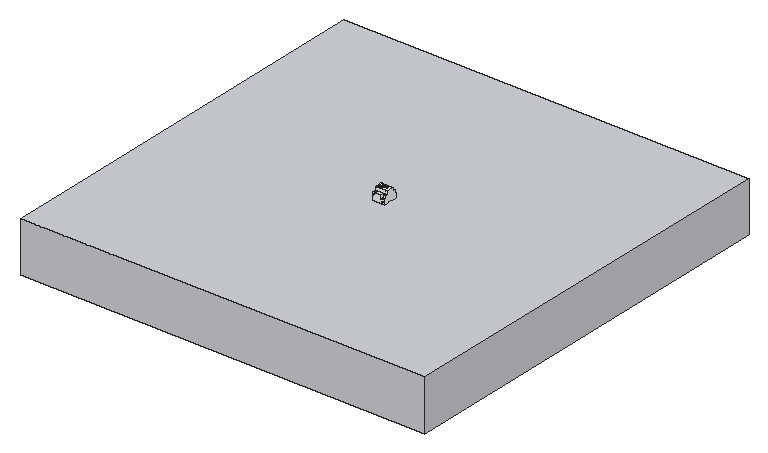
Revit family "Gira_211400", category Elektroinstallationen, Revit 2017
Family settings
  Basisbauteil = Fläche
  Beschriftungsausrichtung beibehalten = Nein
  Bemaßung runder Anschluss = Durchmesser verwenden
  Teiletyp = Normal
  Beim Laden mit Abzugskörper schneiden = Nein
  Gemeinsam genutzt = Nein
  Raumberechnungspunkt = Nein
Parameters (values of type "Heizungsaktor Basic 6f KNX REG")
  Zusammenstellung = ""
  Zulassung nach PTB = no
  Default Elevation = 1219.2 mm
  Vor Ort-/Handbedienung = no
  Verschiedene Phasen anschließbar = no
  Ventilschutzfunktion = no
  URL = "https://www.gira.de/"
  Typname = "Heizungsaktor Basic 6f KNX REG"
  Type Comments = ""
  Tarifumschaltung = no
  Stellgröße stetig = no
  Stellgröße schaltend = yes
  Schutzart (IP) = "IP20"
  S0 Impulsschnittstelle = ""
  Produktseite = "https://media.stage.bim.site/t/eyJhbGciOiJIUzI1NiIsInR5cCI6IkpXVCJ9.eyJjdCI6MiwidHUiOiJodHRwOi8va2F0YWxvZy5naXJhLmRlL2RlX0RFL2RhdGVuYmxhdHQuaHRtbD9hcnRpa2VsbnI9MjExNDAwIiwiY2lkIjoiMzI3N2NjMjMtODFhOS00ZWUzLWE5MGEtYjQ3YmI0YzBiNjE2IiwicmlkIjoiYjk2Nzc0NTI3MTQxNjIxNjhiZjM5Y2I0OTRlNTdkODgiLCJwaWQiOiJhOGIwYmZhYzgwYWI0NTlkMTgxNjVkODZlZmM3NzVhN2JkYTU0YTE4Iiwic2lkIjoiNjM0NzAiLCJ1dCI6MSwibGMiOiJkZSIsImlhdCI6MTYwMDkzMjYxMSwiaXNzIjoiaHR0cHM6Ly9hcGkubGl2ZS5iaW0uc2l0ZSIsInN1YiI6ImFkbWluQGJpbXNpdGUuZGV2In0.Vg8iY8gmoPXT3vtpcvVY7CSP6ZtgLCLaX8ccMQ3Bi_c"
  Montageart = "REG"
  Modulare Erweiterungsmöglichkeit = no
  Model = ""
  Mit LED-Anzeige = no
  Mit Busankopplung = no
  Max. Anzahl der Schaltausgänge = 0
  Kosten = 0
  Hersteller = "Gira"
  HeinzeBIM = "https://www.heinze.de/bim/heizungsaktor-basic-6f-knx-reg/a8b0bfac80ab459d18165d86efc775a7bda54a18"
  Handschaltung = no
  HAN = "211400"
  Geeignet für C-Last = no
  GTIN = "4010337018414"
  Datenblatt 1 = "https://media.stage.bim.site/t/eyJhbGciOiJIUzI1NiIsInR5cCI6IkpXVCJ9.eyJjdCI6MSwidGYiOiJwdWJsaWMvZ2lyYS9hZThjNTU3LzIxMTQwMC50eHQiLCJjaWQiOiIzMjc3Y2MyMy04MWE5LTRlZTMtYTkwYS1iNDdiYjRjMGI2MTYiLCJyaWQiOiJiOTY3NzQ1MjcxNDE2MjE2OGJmMzljYjQ5NGU1N2Q4OCIsInBpZCI6ImE4YjBiZmFjODBhYjQ1OWQxODE2NWQ4NmVmYzc3NWE3YmRhNTRhMTgiLCJzaWQiOiI2MzQ3MCIsInV0IjoxLCJsYyI6ImRlIiwiaWF0IjoxNjAwOTMyNjExLCJpc3MiOiJodHRwczovL2FwaS5saXZlLmJpbS5zaXRlIiwic3ViIjoiYWRtaW5AYmltc2l0ZS5kZXYifQ.BXHpGCzTm-4N_FDF6mbo9Ovtzt5hBjufm_Nsyn6RT0U/211400.txt"
  Datenblatt = "https://media.stage.bim.site/t/eyJhbGciOiJIUzI1NiIsInR5cCI6IkpXVCJ9.eyJjdCI6MSwidHUiOiJodHRwczovL2thdGFsb2cuZ2lyYS5kZS9kZV9ERS9kb3dubG9hZC5odG1sP2FydGlrZWxucj0yMTE0MDAiLCJjaWQiOiIzMjc3Y2MyMy04MWE5LTRlZTMtYTkwYS1iNDdiYjRjMGI2MTYiLCJyaWQiOiJiOTY3NzQ1MjcxNDE2MjE2OGJmMzljYjQ5NGU1N2Q4OCIsInBpZCI6ImE4YjBiZmFjODBhYjQ1OWQxODE2NWQ4NmVmYzc3NWE3YmRhNTRhMTgiLCJzaWQiOiI2MzQ3MCIsInV0IjoxLCJsYyI6ImRlIiwiaWF0IjoxNjAwOTMyNjExLCJpc3MiOiJodHRwczovL2FwaS5saXZlLmJpbS5zaXRlIiwic3ViIjoiYWRtaW5AYmltc2l0ZS5kZXYifQ.bHMr-EWI4XSjOCsgJvkdeKejBKR6wYMWQ_xdxnwP0PA"
  Bussystem Powernet = no
  Bussystem LON = no
  Bussystem KNX-Funk = no
  Bussystem KNX = yes
  Bussystem Funkbus = no
  Busspannung pufferbar = no
  Busfähig = ""
  Breite in Teilungseinheiten = 4
  Blindleistung = no
  Beschreibung = "KNX Heizungsaktor Basic 6fach  REG plus Merkmale:  Heizungsaktor zum Schalten elektrothermischer Stellantriebe für Heizungen oder Kühldecken.  Ansteuerung über 1 Bit- oder 1 Byte-Stellgrößentelegramme.  Bei 1 Byte-Stellgrößen werden die Ausgänge durch eine Pulsweitenmodulation (PWM) angesteuert.  Stellantriebe mit Charakteristik stromlos geöffnet\" oder \"stromlos geschlossen\" ansteuerbar.  Stellantriebe mit Nennspannung 24 V oder 230 V ansteuerbar.  Überlastsicher, kurzschlusssicher.  Standardschutz.  Rückmeldung über Bus z. B. bei Überlast und Kurzschluss.  Schalten der Heizkreispumpe (Standardfunktionen).  Passive Sammelrückmeldung der angeschlossenen Stellantriebe.  Hinweise :  An allen Ausgängen müssen Ventile mit der gleichen Betriebsspannung angeschlossen werden.  VDE-Zulassung gemäß EN 60669-1, EN 60669-2-1.  Montage auf DIN-Hutschiene.\""
  Assembly Code = ""
  Keynote = ""
  BIMSITE_PRODUCT_ID = "a8b0bfac80ab459d18165d86efc775a7bda54a18"
  BIM = "https://media.stage.bim.site/t/eyJhbGciOiJIUzI1NiIsInR5cCI6IkpXVCJ9.eyJjdCI6MSwidGYiOiJwdWJsaWMvZ2lyYS9hZThjNTU3L1JFRyA4Zi5yZmEiLCJjaWQiOiIzMjc3Y2MyMy04MWE5LTRlZTMtYTkwYS1iNDdiYjRjMGI2MTYiLCJyaWQiOiJiOTY3NzQ1MjcxNDE2MjE2OGJmMzljYjQ5NGU1N2Q4OCIsInBpZCI6ImE4YjBiZmFjODBhYjQ1OWQxODE2NWQ4NmVmYzc3NWE3YmRhNTRhMTgiLCJzaWQiOiI2MzQ3MCIsInV0Ijo1LCJsYyI6ImRlIiwiaWF0IjoxNjAwOTMyNjExLCJpc3MiOiJodHRwczovL2FwaS5saXZlLmJpbS5zaXRlIiwic3ViIjoiYWRtaW5AYmltc2l0ZS5kZXYifQ.7RA5KvZf2iI5F317jVmccuiOe9J3ZRy5KHpaAHwBVPs/REG 8f.rfa"
  Ausgangsstrom [Ampere] = ""
  Ausgangsspannung [Volt] = ""
  Ausführung Text = ""
  Art der Spannungsversorgung = ""
  Anzahl der binären Eingänge = 0
  Anzahl der Ausgänge = 0
  Anschlussart = ""
  Andere Bussysteme = "ohne"
Reference planes
  plane 1 "Center (Front/Back)": y = 0
  plane 2: z = 0
  plane 3 "Center (Left/Right)": x = 0
Forms (mm)
  Extrusion 1, solid
    sketch origin (0, 0, 0) x (1, 0, 0) y (0, 1, 0)
      loop
        line (-1219.2, 1219.2) -> (-1219.2, -1219.2) -> (1219.2, -1219.2) -> (1219.2, 1219.2) -> (-1219.2, 1219.2)
    from 0 to -304.8
  Extrusion 2, solid, material "White", detail levels fine
    sketch origin (0, 0, 0) x (0, 1, 0) y (0, 0, 1)
      loop
        line (45.125, -2.619) -> (45.125, 24.95) -> (33.875, 24.95) -> (33.875, 43.8) -> (22.575, 43.8) -> (22.575, 62.05)
        arc (22.575, 62.05) -> (22.311, 62.686) -> (21.675, 62.95) r 0.9
        line (21.675, 62.95) -> (-21.175, 62.95)
        arc (-21.175, 62.95) -> (-21.785, 62.758) -> (-22.175, 62.25) r 1.064
        line (-22.175, 62.25) -> (-22.175, 43.8) -> (-44.725, 43.8) -> (-44.725, -2.619)
        arc (-44.725, -2.619) -> (-31.081, -5.433) -> (-17.243, -7.049) r 160
        line (-17.243, -7.049) -> (-13.165, -1.734) -> (-16.399, -0.807) -> (-16.399, 0) -> (17.8, 0) -> (17.8, -1.4) -> (16.8, -1.4) -> (14.749, -4.952)
        arc (14.749, -4.952) -> (18.64, -6.184) -> (22.7, -6.6) r 20
        arc (22.7, -6.6) -> (33.983, -5.009) -> (45.125, -2.619) r 160
    from -36 to 36
  Extrusion 3, void, detail levels fine
    sketch origin (0, 0, 0) x (1, 0, 0) y (0, 1, 0)
      loop
        circle (30, 26.925) r 2.55
      loop
        circle (21.75, 26.925) r 2.55
      loop
        circle (12.75, 26.925) r 2.55
      loop
        circle (4.5, 26.925) r 2.55
      loop
        circle (-4.5, 26.925) r 2.55
      loop
        circle (-12.75, 26.925) r 2.55
      loop
        circle (-21.75, 26.925) r 2.55
      loop
        circle (-30, 26.925) r 2.55
    from 37.936 to 43.8
  Extrusion 4, void, detail levels fine
    sketch origin (0, 11.25, -18.85) x (1, 0, 0) y (0, 1, 0)
      loop
        circle (30, 26.925) r 2.55
      loop
        circle (21.75, 26.925) r 2.55
      loop
        circle (12.75, 26.925) r 2.55
      loop
        circle (4.5, 26.925) r 2.55
      loop
        circle (-4.5, 26.925) r 2.55
      loop
        circle (-12.75, 26.925) r 2.55
      loop
        circle (-21.75, 26.925) r 2.55
      loop
        circle (-30, 26.925) r 2.55
    from 37.936 to 43.8
  Extrusion 5, void, detail levels fine
    sketch origin (0, 0, 0) x (1, 0, 0) y (0, 1, 0)
      loop
        circle (-13, -3.875) r 3
      loop
        circle (-23, -3.875) r 3
      loop
        circle (-23, -13.875) r 3
      loop
        circle (-13, -13.875) r 3
      loop
        circle (-29, -3.875) r 1.575
      loop
        circle (-29, -13.875) r 1.575
      loop
        circle (-7, -13.875) r 1.575
      loop
        circle (-15.4, 5.325) r 1.625
      loop
        circle (-11, 5.325) r 1.575
      loop
        circle (-6.6, 5.325) r 1.625
      loop
        circle (-2.2, 5.325) r 1.625
      loop
        circle (2.2, 5.325) r 1.625
      loop
        circle (6.6, 5.325) r 1.625
      loop
        circle (11, 5.325) r 1.575
      loop
        circle (15.4, 5.325) r 1.625
    from 58.253 to 62.95
  Extrusion 6, void, detail levels fine
    sketch origin (0, 0, 0) x (1, 0, 0) y (0, 1, 0)
      loop
        line (-32.175, -32.6) -> (-32.175, -34.9) -> (-31.24, -34.36) -> (-31.401, -37.165) -> (-32.175, -36.7) -> (-32.175, -44.875) -> (-20.175, -44.875) -> (-20.175, -37.33) -> (-19.075, -37.965) -> (-19.075, -33.635) -> (-20.175, -34.27) -> (-20.175, -32.6) -> (-32.175, -32.6)
    from 28.5 to 43.8
  Extrusion 7, solid, detail levels fine
    sketch origin (0, 0, 0) x (1, 0, 0) y (0, 1, 0)
      loop
        circle (-29.375, -36.2) r 0.5
      loop
        circle (-23.575, -36.2) r 0.5
    from 28.5 to 37.5
  Extrusion 8, void, detail levels fine
    sketch origin (0, 0, 0) x (1, 0, 0) y (0, 1, 0)
      loop
        line (15.289, -31.489) -> (15.289, -44.875) -> (36, -44.875) -> (36, -31.489) -> (15.289, -31.489)
    from 25 to 43.8
  Extrusion 9, void, detail levels fine
    sketch origin (0, 0, 0) x (1, 0, 0) y (0, 1, 0)
      loop
        circle (21.75, -37.925) r 2.55
      loop
        circle (30, -37.925) r 2.55
    from 19.086 to 24.95
  Extrusion 10, void, detail levels fine
    sketch origin (0, 0, 0) x (1, 0, 0) y (0, 0, 1)
      loop
        line (32.368, 26.75) -> (32.35, 28.865) -> (32.319, 32.45) -> (27.731, 32.45) -> (27.682, 26.75) -> (32.368, 26.75)
      loop
        line (24.118, 26.75) -> (24.1, 28.865) -> (24.069, 32.45) -> (19.481, 32.45) -> (19.432, 26.75) -> (24.118, 26.75)
      loop
        line (15.118, 26.75) -> (15.1, 28.865) -> (15.069, 32.45) -> (10.481, 32.45) -> (10.432, 26.75) -> (15.118, 26.75)
      loop
        line (6.868, 26.75) -> (6.85, 28.865) -> (6.819, 32.45) -> (2.231, 32.45) -> (2.182, 26.75) -> (6.868, 26.75)
      loop
        line (-2.182, 26.75) -> (-2.2, 28.865) -> (-2.231, 32.45) -> (-6.819, 32.45) -> (-6.868, 26.75) -> (-2.182, 26.75)
      loop
        line (-10.432, 26.75) -> (-10.45, 28.865) -> (-10.481, 32.45) -> (-15.069, 32.45) -> (-15.118, 26.75) -> (-10.432, 26.75)
      loop
        line (-19.35, 26.75) -> (-19.369, 28.865) -> (-19.4, 32.45) -> (-23.987, 32.45) -> (-24.037, 26.75) -> (-19.35, 26.75)
      loop
        line (-27.682, 26.75) -> (-27.7, 28.865) -> (-27.731, 32.45) -> (-32.319, 32.45) -> (-32.368, 26.75) -> (-27.682, 26.75)
    from -29.206 to -33.875
  Extrusion 11, void, detail levels fine
    sketch origin (0, 11.25, -19.567) x (1, 0, 0) y (0, 0, 1)
      loop
        line (32.368, 26.75) -> (32.35, 28.865) -> (32.319, 32.45) -> (27.731, 32.45) -> (27.682, 26.75) -> (32.368, 26.75)
      loop
        line (24.118, 26.75) -> (24.1, 28.865) -> (24.069, 32.45) -> (19.481, 32.45) -> (19.432, 26.75) -> (24.118, 26.75)
      loop
        line (15.118, 26.75) -> (15.1, 28.865) -> (15.069, 32.45) -> (10.481, 32.45) -> (10.432, 26.75) -> (15.118, 26.75)
      loop
        line (6.868, 26.75) -> (6.85, 28.865) -> (6.819, 32.45) -> (2.231, 32.45) -> (2.182, 26.75) -> (6.868, 26.75)
      loop
        line (-2.182, 26.75) -> (-2.2, 28.865) -> (-2.231, 32.45) -> (-6.819, 32.45) -> (-6.868, 26.75) -> (-2.182, 26.75)
      loop
        line (-10.432, 26.75) -> (-10.45, 28.865) -> (-10.481, 32.45) -> (-15.069, 32.45) -> (-15.118, 26.75) -> (-10.432, 26.75)
      loop
        line (-19.35, 26.75) -> (-19.369, 28.865) -> (-19.4, 32.45) -> (-23.987, 32.45) -> (-24.037, 26.75) -> (-19.35, 26.75)
      loop
        line (-27.682, 26.75) -> (-27.7, 28.865) -> (-27.731, 32.45) -> (-32.319, 32.45) -> (-32.368, 26.75) -> (-27.682, 26.75)
    from -29.206 to -33.875
  Extrusion 12, void, detail levels fine
    sketch origin (0, 0, 0) x (1, 0, 0) y (0, 0, 1)
      loop
        line (32.319, 12.883) -> (27.731, 12.883) -> (27.682, 7.183) -> (32.368, 7.183) -> (32.35, 9.298) -> (32.319, 12.883)
      loop
        line (24.069, 12.883) -> (19.481, 12.883) -> (19.432, 7.183) -> (24.118, 7.183) -> (24.1, 9.298) -> (24.069, 12.883)
    from 40.588 to 44.725
  Extrusion 13, solid, material "White", detail levels fine
    sketch origin (0, 0, 0) x (1, 0, 0) y (0, 1, 0)
      loop
        circle (-15.4, 5.325) r 1.625
      loop
        circle (-11, 5.325) r 1.575
      loop
        circle (-6.6, 5.325) r 1.625
      loop
        circle (-2.2, 5.325) r 1.625
      loop
        circle (2.2, 5.325) r 1.625
      loop
        circle (6.6, 5.325) r 1.625
      loop
        circle (11, 5.325) r 1.575
      loop
        circle (15.4, 5.325) r 1.625
      loop
        circle (-29, -3.875) r 1.575
      loop
        circle (-29, -13.875) r 1.575
      loop
        circle (-7, -13.875) r 1.575
    from 58.253 to 62.25
  Extrusion 14, solid, material "White", detail levels fine
    sketch origin (0, 0, 0) x (1, 0, 0) y (0, 1, 0)
      loop
        circle (-23, -3.875) r 3
      loop
        circle (-13, -3.875) r 3
      loop
        circle (-23, -13.875) r 3
      loop
        circle (-13, -13.875) r 3
    from 58.253 to 63.841
  Extrusion 15, solid, material "White", detail levels medium
    sketch origin (0, 0, 0) x (0, 1, 0) y (0, 0, 1)
      loop
        line (45.125, -7.049) -> (45.125, 24.95) -> (33.875, 24.95) -> (33.875, 43.8) -> (22.575, 43.8) -> (22.575, 63.841) -> (-22.175, 63.841) -> (-22.175, 43.8) -> (-44.725, 43.8) -> (-44.725, -7.049) -> (45.125, -7.049)
    from -36 to 36
  Extrusion 16, solid, material "White", detail levels coarse
    sketch origin (0, 0, 0) x (0, 1, 0) y (0, 0, 1)
      loop
        line (45.125, -7.049) -> (45.125, 63.841) -> (-44.725, 63.841) -> (-44.725, -7.049) -> (45.125, -7.049)
    from -36 to 36
Cuts and joins
  Extrusion 3, Extrusion 4, Extrusion 5, Extrusion 6, Extrusion 8, Extrusion 9, Extrusion 10, Extrusion 11, Extrusion 12 cuts Extrusion 2
Dimensions and locks
  aligned and locked: plane 2 to Extrusion 1
  aligned and locked: level to Extrusion 1
